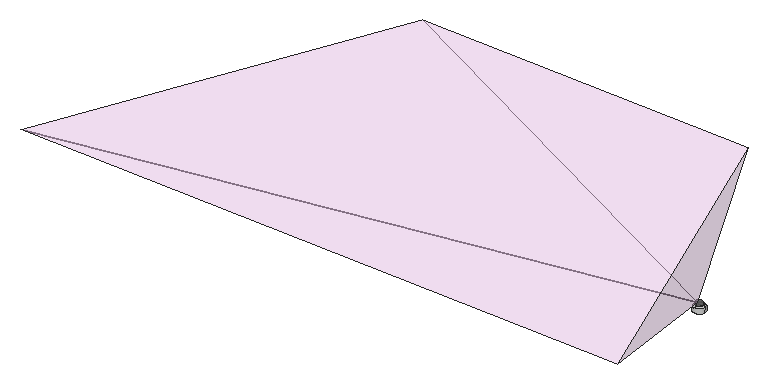
Revit family "Camera-Security-Panasonic-Super_Dynamic-Dome-AI-H265-Network-X2251LSeriesX", category Security Devices, host Face, Revit 2019
Family settings
  Host = Face
  Maintain Annotation Orientation = No
  Round Connector Dimension = Use Diameter
  Part Type = Normal
  OmniClass Number = 23.85.10.14.11
  OmniClass Title = Cameras
  Cut with Voids When Loaded = No
  Shared = No
  Room Calculation Point = No
Parameters (values of type "WV-X2251L")
  z Zero = 0.000"  # constant formula
  z Yaw Actual [instance] = if(and(On Wall, not(On Ceiling)), Yaw Actual, Yaw Actual + 180.00°)  # 180.00°
  z VV Viewpoint Depth Min = z VV Viewpoint Depth Max  # 1.18504"
  z VV Viewpoint Depth Max = if(Camera Number = 2251, 1.18504", if(Camera Number = 2271, 1.27953", 1.18504"))  # 1.18504"
  z VV Viewpoint Depth [instance] = (z VV Viewpoint Depth Max - z VV Viewpoint Depth Min) * z HFOV Ratio + z VV Viewpoint Depth Min  # 1.18504"
  z VV Origin Horizontal Offset [instance] = 0.000"
  z VV Origin HeightX [instance] = 2.42126"  # constant formula
  z VV Origin Height [instance] = if(z Decoration Cover Visible, z Embedded Bottom Offset + z VV Origin HeightX, if(z Base Bracket Visible, z VV Origin HeightX + Base Bracket Height, z VV Origin HeightX))  # 2.42126"
  z VV Origin Angle [instance] = 0.00°
  z Tilt Actual [instance] = Tilt Actual  # 45.00°
  z Pan Actual Safe [instance] = if(Pan Actual = -180.00°, 180.00°, Pan Actual)  # 0.00°
  z Pan Actual [instance] = Pan Actual  # 0.00°
  z Level Offset = 7.87402"  # constant formula
  z HFOV Ratio [instance] = (Horizontal FOV Actual - Horizontal FOV Min) / (Horizontal FOV Max - Horizontal FOV Min)  # 0.375
  z Dome Radius = Dome Diameter / 2  # 1.63386"
  z Decoration Cover Visible [instance] = Set with Decoration Cover  # no
  z Const Yaw Handle Length = 9.25197"  # constant formula
  z Const Yaw Base2 Length = 17.32283"  # constant formula
  z Const Yaw Base Length = 10.23622"  # constant formula
  z Const Tilt Handle Length = 11.81102"  # constant formula
  z Const Tilt Base2 Length = 19.68504"  # constant formula
  z Const Tilt Base Length = 9.84252"  # constant formula
  z Const Pan Handle Length = 19.48819"  # constant formula
  z Embedded Bottom Offset = -1.67323"
  Camera Number = 2251
  z Camera Top Height [instance] = if(z Decoration Cover Visible, z Level Offset + Base Height + z Embedded Bottom Offset, if(z Base Bracket Visible, z Level Offset + z Camera Bottom Offset + Base Height, z Level Offset + Base Height))  # 10.11811"
  z Camera Radius2 = z Camera Radius * 0.7  # 1.78445"
  z Camera Radius = 2.54921"
  z Camera Center Offset [instance] = 0.000"
  z Camera Bottom Offset [instance] = Base Bracket Height  # 1.41732"
  z Camera Bottom Height [instance] = if(z Base Bracket Visible, z Level Offset + z Camera Bottom Offset, z Level Offset)  # 7.87402"
  z Camera Angle [instance] = 90.00°
  z Base Visible [instance] = not(z Decoration Cover Visible)  # yes
  z Base Bracket Visible [instance] = and(Camera Number = 2251, Has Base Bracket, not(z Decoration Cover Visible))  # no
  Yawing Range = "-100 to +100"  # constant formula
  Wide Dynamic Range = yes
  Water and Dust Resistance = "N/A"
  WQHD = Resolution : WQHD
  Voltage DC = 12 V  # constant formula
  Shock Resistance = "IK10 (IEC 62262)"
  Resolution [instance] = Resolution : 5M
  HD = Resolution : HD
  Full HD = Resolution : Full HD
  Decoration Cover Radius = 3.66142"
  Decoration Cover Wall Height = 0.11811"  # constant formula
  Decoration Cover Hole Radius = 1.63386"
  Decoration Cover Height = 0.61811"
  5M = Resolution : 5M
  Base Radius = 2.54921"
  z Dome Offset [instance] = 2.20472"
  Yaw Min = -100.00°  # constant formula
  Yaw Max = 100.00°  # constant formula
  Yaw Desired [instance] = 0.00°
  Yaw Actual [instance] = if(Yaw Desired > Yaw Max, Yaw Max, if(Yaw Desired < Yaw Min, Yaw Min, Yaw Desired))  # 0.00°
  Weight [instance] = 1.83 lbf
  Vertical FOV Min [instance] = if(and(Aspect Ratio 4_3, not(Aspect Ratio 16_9)), VFOV Min 43, VFOV Min 169)  # 19.00°
  Vertical FOV Max [instance] = if(and(Aspect Ratio 4_3, not(Aspect Ratio 16_9)), VFOV Max 43, VFOV Max 169)  # 56.00°
  Vertical FOV Actual [instance] = z HFOV Ratio * (Vertical FOV Max - Vertical FOV Min) + Vertical FOV Min  # 32.875°
  Vandal Resistant = yes
  VFOV Min 43 = VFOV Min 169  # 19.00°
  VFOV Min 169 = 19.00°
  VFOV Max 43 = VFOV Max 169  # 56.00°
  VFOV Max 169 = 56.00°
  URL = "http://security.panasonic.com/pss/security/"
  Tilting Range = "-30 to +85"  # constant formula
  Tilt Min = -30.00°  # constant formula
  Tilt Max = 85.00°  # constant formula
  Tilt Desired [instance] = 45.00°
  Tilt Actual [instance] = if(Tilt Desired > Tilt Max, Tilt Max, if(Tilt Desired < Tilt Min, Tilt Min, Tilt Desired))  # 45.00°
  Storage Temperature = Operational Temperature  # "14 °F to 122 °F"
  Show View Volume [instance] = yes
  Set with Decoration Cover [instance] = no
  Regulatory Compliance = "UL (UL60950-1), c-UL (CSA C22.2 No.60950-1), CE, IEC60950-1, FCC (Part15 ClassA), ICES003 ClassA, EN55032 ClassB, EN55024"  # constant formula
  Provide Feedback = "https://www.surveymonkey.com/s/95FL6QY"
  Product Page URL = "https://security.panasonic.com/products_technology/products/wv-x2251l/"
  Product Material = Paint - Panasonic -i-Pro White
  Product Documentation Link = "https://bizpartner.panasonic.net/public/ppr/product/11189?accordion_tab=96"
  Power Active = 10.7 W
  Part Number = Model  # "WV-X2251L"
  Part Description = Description  # "Security Camera, Fixed Dome, Network, Super Dynamic , AI, H.264, 5M, WV-X2251L"
  Panning Range = "-180 to +180"  # constant formula
  Pan Min = -180.00°
  Pan Max = 180.00°
  Pan Desired [instance] = 0.00°
  Pan Actual [instance] = if(Pan Desired > Pan Max, Pan Max, if(Pan Desired < Pan Min, Pan Min, Pan Desired))  # 0.00°
  PPM Desired [instance] = 300
  PPM Actual [instance] = if(PPM Desired > 1, PPM Desired, 1)  # 300
  Original Creation Date = "2020/05/12"
  Operational Temperature = "14 °F to 122 °F"
  Operational Humidity = "10 to 90 % (no condensation)"
  On Wall [instance] = no
  On Ceiling [instance] = yes
  Mounting Positions = "Surface Mount"
  Model Disclaimer = "Contact Panasonic for more information"  # constant formula
  Model = "WV-X2251L"
  Minimum Illumination = 0.070 lx
  Manufacturer = "Panasonic"  # constant formula
  Indoor Or Outdoor = "Indoor"
  IP Or Analog = "IP"  # constant formula
  Horizontal Resolution Actual [instance] = if(and(Aspect Ratio 4_3, not(Aspect Ratio 16_9)), Horizontal Resolution 43, Horizontal Resolution 169)  # 3072
  Horizontal Resolution 43 [instance] = Horizontal Resolution 169  # 3072
  Horizontal Resolution 169 [instance] = if(and(Camera Number = 2271, Resolution = [4K]), 3840, if(and(Camera Number = 2251, Resolution = [5M]), 3072, if(and(not(Camera Number = 2271), Resolution = [4K]), 3072, if(and(not(Camera Number = 2251), Resolution = [5M]), 3840, if(Resolution = WQHD, 2560, if(Resolution = HD, 1280, if(Resolution = Full HD, 1920, 3840)))))))  # 3072
  Horizontal FOV Min [instance] = if(and(Aspect Ratio 4_3, not(Aspect Ratio 16_9)), HFOV Min 43, HFOV Min 169)  # 33.00°
  Horizontal FOV Max [instance] = if(and(Aspect Ratio 4_3, not(Aspect Ratio 16_9)), HFOV Max 43, HFOV Max 169)  # 105.00°
  Horizontal FOV Desired [instance] = 60.00°
  Horizontal FOV Actual [instance] = if(Horizontal FOV Desired > Horizontal FOV Max, Horizontal FOV Max, if(Horizontal FOV Desired < Horizontal FOV Min, Horizontal FOV Min, Horizontal FOV Desired))  # 60.00°
  Height = 4.0748"
  Has POE = yes
  Has Base Bracket = (1 = 0)  # no
  HFOV Min 43 = HFOV Min 169  # 33.00°
  HFOV Min 169 = 33.00°
  HFOV Max 43 = HFOV Max 169  # 105.00°
  HFOV Max 169 = 105.00°
  Family Version = "1.0.0"  # constant formula
  Equipment Number [instance] = ""
  Equipment Abbreviation = "SC"
  Dome Diameter = 3.26772"
  Dome Bottom Offset = 0.19685"
  Distance to Screen [instance] = 393.70079"
  Distance to PPM Target [instance] = if(PPM Actual = 0, 0.000", 39.37008" * Horizontal Resolution Actual / (PPM Actual * 2 * tan(Horizontal FOV Actual / 2)))  # 349.1378"
  Distance to Floor [instance] = 118.11024"
  Distance to Ceiling [instance] = 0.000"
  Diameter = 5.09843"
  Description = "Security Camera, Fixed Dome, Network, Super Dynamic , AI, H.264, 5M, WV-X2251L"
  Default Elevation = 0.000"
  Day Or Night = "Yes"  # constant formula
  Date Last Modified = "2020/05/12"
  Copyright = "Copyright © Panasonic"  # constant formula
  Communication Ports = "10Base-T / 100Base-TX, RJ45 connector"  # constant formula
  Base Bracket Height = 1.41732"
  Base Height = 2.24409"
  Audio Out = "Yes"  # constant formula
  Audio In = "Yes"  # constant formula
  Aspect Ratio 4_3 [instance] = not(Aspect Ratio 16_9)  # no
  Aspect Ratio 16_9 [instance] = (1 = 1)  # yes
  Angle Of View = "105"
  Alarm Input Or Output Specification = "ALARM IN 1(Alarm input 1/ Black & white input/ Auto time adjustment input) (x1), ALARM IN 2 (Alarm input 2/ ALARM OUT) (x1) , ALARM IN 3 (Alarm input 3/ AUX OUT) (x1)"  # constant formula
  Accessory Part Number [instance] = if(Set with Decoration Cover, "WV-QEM100-W", "Select a Mounting Option")  # "Select a Mounting Option"
  4K = Resolution : 4K
Types (2): name | z VV Viewpoint Depth Min | z VV Viewpoint Depth Max | z VV Viewpoint Depth | z HFOV Ratio | Camera Number | Resolution | Vertical FOV Min | Vertical FOV Max | Vertical FOV Actual | VFOV Min 43 | VFOV Min 169 | VFOV Max 43 | VFOV Max 169 | Product Page URL | Product Documentation Link | Part Number | Part Description | Original Creation Date | Model | Minimum Illumination | Horizontal Resolution Actual | Horizontal Resolution 43 | Horizontal Resolution 169 | Horizontal FOV Min | Horizontal FOV Max | HFOV Min 43 | HFOV Min 169 | HFOV Max 43 | HFOV Max 169 | Distance to PPM Target | Description | Date Last Modified | Angle Of View
  WV-X2251L | 1.18504" | 1.18504" | 1.18504" | 0.375 | 2251 | Resolution : 5M | 19.00° | 56.00° | 32.875° | 19.00° | 19.00° | 56.00° | 56.00° | "https://security.panasonic.com/products_technology/products/wv-x2251l/" | "https://bizpartner.panasonic.net/public/ppr/product/11189?accordion_tab=96" | "WV-X2251L" | "Security Camera, Fixed Dome, Network, Super Dynamic , AI, H.264, 5M, WV-X2251L" | "2020/05/12" | "WV-X2251L" | 0.070 lx | 3072 | 3072 | 3072 | 33.00° | 105.00° | 33.00° | 33.00° | 105.00° | 105.00° | 349.1378" | "Security Camera, Fixed Dome, Network, Super Dynamic , AI, H.264, 5M, WV-X2251L" | "2020/05/12" | "105"
  WV-X2271L | 1.27953" | 1.27953" | 1.27953" | 0.16327 | 2271 | Resolution : 4K | 29.00° | 55.00° | 33.2449° | 29.00° | 29.00° | 55.00° | 55.00° | "https://security.panasonic.com/products_technology/products/wv-x2271l/" | "https://bizpartner.panasonic.net/public/ppr/product/11188?accordion_tab=96" | "WV-X2271L" | "Security Camera, Fixed Dome, Network, Super Dynamic , AI, H.264, 4K, WV-X2271L" | "2020/08/25" | "WV-X2271L" | 0.090 lx | 3840 | 3840 | 3840 | 52.00° | 101.00° | 52.00° | 52.00° | 101.00° | 101.00° | 436.42225" | "Security Camera, Fixed Dome, Network, Super Dynamic , AI, H.264, 4K, WV-X2271L" | "2020/08/25" | "101"
Reference planes (in)
  plane 1 "Center (Front/Back)": y = 0
  plane 2: z = 0
  plane 3 "Center (Left/Right)": x = 0
  plane 4 "Body Bottom": z = 0
  plane 5: y = 0
  plane 6 "Level Offset": z = -7.87402
  plane 7 "BP": z = 2.42126
  plane 8: z = 2.24409
  plane 9: z = 2.44094
  plane 10: z = 4.0748
Forms (in)
  Revolve 1, solid, material "Paint - Panasonic -i-Pro White" <- "Product Material"
    sketch origin (0, 0, 0) x (0, 0, 1) y (1, 0, 0)
      loop
        line (0.00001, 2.54921) -> (0.00001, 0) -> (2.24409, 0) -> (2.24409, 1.78445) -> (1.74409, 2.39662) -> (0.00001, 2.54921)
      axis (2.24409, 0) -> (0.00001, 0)
    angle from 0 to 360
  Revolve 2, solid, material "Glass - Panasonic - Black"
    sketch origin (0, 0, 0) x (0, 1, 0) y (0, 0, 1)
      loop
        arc (1.63386, 2.44094) -> (1.15531, 3.59626) -> (0, 4.0748) r 1.63386
        line (0, 4.0748) -> (0, 2.24409) -> (1.63386, 2.24409) -> (1.63386, 2.44094)
      axis (0, 2.24409) -> (0, 4.0748)
    angle from 0 to 360
  Extrusion 3, solid
    sketch origin (0, 0, 0) x (1, 0, 0) y (0, 1, 0)
      loop
        circle (0, 0) r 0.3937
    from 0 to 0.3937
Lines and regions (in)
  reference lines
    curve 1: line (0, 0, 0) -> (0, 0, 2.20472)
    curve 2: line (0, -1, 10.89222) -> (0, 1, 10.89222)
  symbolic lines, not visible
    curve 3: line (-1.15, -2.6875, 0) -> (1.15, -2.6875, 0)
Dimensions and locks (in)
  "z Camera Center Offset": plane 5 to plane 1 "Center (Front/Back)"
  "z Level Offset": level to plane 6 "Level Offset"
  "z Camera Bottom Height": plane 4 "Body Bottom" to plane 6 "Level Offset"
  "z VV Origin Height": plane 7 "BP" to level
  "z Camera Top Height": plane 8 to plane 6 "Level Offset"
  "Dome Bottom Offset": plane 8 to plane 9
  "z Dome Radius": plane 10 to plane 9
  "z Camera Radius": Revolve 1 sketch curve to plane 3 "Center (Left/Right)"
  locked: Revolve 1 sketch curve to Revolve 1 sketch curve at 0.5
  "z Camera Radius2": Revolve 1 sketch curve to plane 3 "Center (Left/Right)"
  "z Dome Radius": radius of Revolve 2 sketch curve
  "z Camera Angle": angle curve 1 to plane 4 "Body Bottom"
  locked: Revolve 1 sketch curve to Revolve 1 sketch curve (angle 85.00°)
  aligned and locked: plane 2 to host face
  aligned and locked: level to host face
  aligned and locked: plane 5 to curve 1
  aligned and locked: nested 1 to plane 3 "Center (Left/Right)"
  aligned and locked: nested 1 to plane 1 "Center (Front/Back)"
  aligned and locked: plane 8 to Revolve 1 sketch curve
Automatic sketch dimensions
  host sketch curve to host sketch curve = 96.000"  (x2)
  curve 3 to plane 3 "Center (Left/Right)" = 1.150"
  plane 3 "Center (Left/Right)" to curve 3 = 1.150"
  curve 1 to curve 2 = 1.000"
  curve 1 to curve 2 = 8.6875"
  curve 2 to curve 1 = 1.000"
  plane 1 "Center (Front/Back)" to curve 3 = 2.6875"
  Revolve 2 sketch curve to plane 1 "Center (Front/Back)" = 0.000"
  Revolve 2 sketch curve to plane 9 = 0.000"
  plane 8 to Revolve 2 sketch curve = 0.000"
  Revolve 2 sketch curve to plane 10 = 0.000"
  plane 1 "Center (Front/Back)" to Extrusion 3 sketch curve = 0.000"
  Extrusion 3 sketch curve to plane 3 "Center (Left/Right)" = 0.000"
  curve 1 to level = 0.000"
  Revolve 1 sketch curve to plane 3 "Center (Left/Right)" = 0.000"  (x2)
  level to Revolve 1 sketch curve = 0.00001"
  Revolve 1 sketch curve to level = 0.45341"
  Revolve 1 sketch curve to plane 9 = 0.00311"
  radius of Extrusion 3 sketch curve = 0.3937"
Nested families (in)
  nested 1: "Camera-Security-Panasonic-ViewVolumePTYZ" at (0, 0, 2.42126), Viewpoint Depth <- "z VV Viewpoint Depth", Base Height Offset <- "z VV Origin Height", Base Angle Offset <- "z VV Origin Angle", Viewpoint Origin Horizontal Offset <- "z VV Origin Horizontal Offset", Yaw <- "Yaw Actual", Tilt <- "Tilt Actual", Pan <- "Pan Actual", HFOV <- "Horizontal FOV Actual", VFOV <- "Vertical FOV Actual", On Wall <- "On Wall", On Ceiling <- "On Ceiling", Screen Depth <- "Distance to Screen", Floor Distance <- "Distance to Floor", Ceiling Distance <- "Distance to Ceiling", Target Depth <- "Distance to PPM Target", visible <- "Show View Volume", type "Camera-Security-Panasonic-ViewVolumePTYZ"
    with z Yaw Actual 0.00°, z Void Width 1249.22068", z Void Thickness 397.30709", z Void Height Start -624.61034", z Void Height End 624.61034", z Void Direction 0, z Void Angle 0.00°, z Viewpoint Depth 1.18504", z Tilt Actual 45.00°, z Target Width 403.14961", z Target Visible yes, z Target Height 206.01039", z Target Depth 350.32284", z Screen Width 454.60651", z Screen Height 232.30499", z Screen Depth 394.88583", z Pan Actual 0.00°, z Floor Distance 118.11024", z Ceiling Distance 0.000", Yaw 0.00°, Viewpoint Origin Horizontal Offset 0.000", Viewpoint Depth 1.18504", VFOV 32.875°, Tilt 45.00°, Target Depth 349.1378", Screen Depth 393.70079", Pan 0.00°, On Wall no, On Floor no, On Default Mount Type 0, On Ceiling yes, HFOV 60.00°, Floor Distance 118.11024", Ceiling Distance 0.000", Base Height Offset 2.42126", Base Angle Offset 0.00°
  nested 2: "Base Bracket" at (0, 0, 0), visible <- "z Base Bracket Visible", Base Bracket Height <- "Base Bracket Height", Visible <- "z Base Bracket Visible", Product Material <- "Product Material", type "Base Bracket"
    with Visible no, Product Material Paint - Panasonic -i-Pro White, Inner Diameter 3.14961", Base Bracket Height 1.41732", Base Bracket Diameter 3.22835"
  nested 3: "Decoration Cover" at (0, 0, 0), visible <- "z Decoration Cover Visible", Product Material <- "Product Material", Decoration Cover Radius <- "Decoration Cover Radius", Decoration Cover Height <- "Decoration Cover Height", Hole Radius <- "Decoration Cover Hole Radius", Wall Height <- "Decoration Cover Wall Height", type "Decoration Cover"
    with Wall Height 0.11811", Top Ring Width 0.36614", Product Material Paint - Panasonic -i-Pro White, Hole Radius 1.63386", Decoration Cover Radius 3.66142", Decoration Cover Height 0.61811"
Connectors (in)
  electrical at (0, 0, 0), driven by "Power Active", driven by "Voltage DC"
    settings: on host face, index 3, voltage 12 V, apparent load 10.7 W, apparent load phase1 0.0 W, apparent load phase2 0.0 W, apparent load phase3 0.0 W, power factor 1, load classification "Other", number of poles 1, system type 30, power factor state 1, is connector primary yes, connector utility no, sub classification motor no, connector description "Electrical Connection"
  electrical at (0, 0, 0)
    settings: on Extrusion 3, index 5, voltage 0 V, apparent load 0.0 W, apparent load phase1 0.0 W, apparent load phase2 0.0 W, apparent load phase3 0.0 W, power factor 1, load classification "Other", number of poles 1, system type 5, power factor state 1, is connector primary no, connector utility no, sub classification motor no, connector description "Data Connection"
Definition of nested family "Camera-Security-Panasonic-ViewVolumePTYZ"
  Parameters
    z Yaw Actual [instance] = if(Yaw < 0.00°, 360.00° - (abs(Yaw) - rounddown(abs(Yaw) / 360.00°) * 360.00°), Yaw - rounddown(Yaw / 360.00°) * 360.00°)  # 0.00°
    z Void Width [instance] = if(z Screen Width > z Screen Height, z Screen Width, z Screen Height) + abs(Viewpoint Origin Horizontal Offset) + z Void Thickness * 2  # 1265.63013"
    z Void Thickness [instance] = z Screen Depth + abs(Base Height Offset)  # 405.51181"
    z Void Height Start [instance] = -z Void Width / 2  # -632.81507"
    z Void Height End [instance] = z Void Width / 2  # 632.81507"
    z Void Direction [instance] = if((if(On Wall, 1, 0) + if(On Floor, 1, 0) + if(On Ceiling, 1, 0)) = 1, if(On Ceiling, 0, if(On Wall, 1, 2)), On Default Mount Type)  # 0
    z Viewpoint Depth [instance] = if(Viewpoint Depth < 0.03937", 0.03937", Viewpoint Depth)  # 5.90551"
    z Tilt Actual [instance] = if(Tilt < 0.00°, 360.00° - (abs(Tilt) - rounddown(abs(Tilt) / 360.00°) * 360.00°), Tilt - rounddown(Tilt / 360.00°) * 360.00°)  # 45.00°
    z Target Visible [instance] = not(Screen Depth < Target Depth)  # yes
    z Target Thickness Start = -z Target Thickness / 2  # -0.03937"
    z Target Thickness End = z Target Thickness / 2  # 0.03937"
    z Target Depth [instance] = Target Depth + Viewpoint Depth  # 84.64567"
    z Pan Actual [instance] = if(Pan < 0.00°, 360.00° - (abs(Pan) - rounddown(abs(Pan) / 360.00°) * 360.00°), Pan - rounddown(Pan / 360.00°) * 360.00°)  # 0.00°
    z Floor Distance [instance] = if(z Void Direction = 2, if(Floor Distance < 0.000", 0.000", Floor Distance), if(Floor Distance < 0.3937", 0.3937", Floor Distance))  # 118.11024"
    z Const Yaw Base2 Length = 17.32283"  # constant formula
    z Const Tilt Base2 Length = 19.68504"  # constant formula
    z Ceiling Distance [instance] = if(z Void Direction = 2, if(Ceiling Distance < 0.3937", 0.3937", Ceiling Distance), if(Ceiling Distance < 0.000", 0.000", Ceiling Distance))  # 0.000"
    z Const Void Handle Length = 23.62205"  # constant formula
    z Void Angle [instance] = if(z Void Direction = 0, 0.00° + Base Angle Offset, if(z Void Direction = 1, 90.00° + Base Angle Offset, 180.00° + Base Angle Offset))  # 0.00°
    z Screen Depth [instance] = if(Screen Depth < 3.93701", 3.93701" + Viewpoint Depth, Screen Depth + Viewpoint Depth)  # 399.6063"
    Original Creation Date = "September, 15, 2016"  # constant formula
    On Default Mount Type [instance] = 0
    Manufacturer = "Panasonic"  # constant formula
    Family Version = "1.0.0"  # constant formula
    Default Elevation = 48.000"
    Date Last Modified = "September, 15, 2016"  # constant formula
    Copyright = "Copyright © Panasonic"  # constant formula
    Base Height Offset [instance] = 5.90551"
    Base Angle Offset [instance] = 0.00°
    z Viewpoint Width = 0.03937"  # constant formula
    z Viewpoint Height = 0.03937"  # constant formula
    VFOV [instance] = 33.75°
    z Target Width [instance] = Target Depth * tan(HFOV / 2) * 2  # 90.9213"
    z Target Thickness = 0.07874"  # constant formula
    z Target Height [instance] = Target Depth * tan(VFOV / 2) * 2  # 47.77113"
    Target Depth [instance] = 78.74016"
    z Screen Width [instance] = (z Screen Depth - Viewpoint Depth) * tan(HFOV / 2) * 2  # 454.60651"
    z Screen Height [instance] = (z Screen Depth - Viewpoint Depth) * tan(VFOV / 2) * 2  # 238.85566"
    Screen Depth [instance] = 393.70079"
    z Const Yaw Handle Length = 9.25197"  # constant formula
    z Const Yaw Base Length = 10.23622"  # constant formula
    Viewpoint Depth [instance] = 5.90551"
    Viewpoint Origin Horizontal Offset [instance] = 0.000"
    z Const Tilt Handle Length = 14.17323"  # constant formula
    z Const Tilt Base Length = 9.84252"  # constant formula
    z Const Pan Handle Length = 19.68504"  # constant formula
    z Const Pan Axis Length = 15.74803"  # constant formula
    On Wall [instance] = no
    On Floor [instance] = no
    On Ceiling [instance] = yes
    HFOV [instance] = 60.00°
    Yaw [instance] = 0.00°
    Tilt [instance] = 45.00°
    Pan [instance] = 0.00°
    Floor Distance [instance] = 118.11024"
    Ceiling Distance [instance] = 0.000"
  Reference planes (in)
    plane 1 "Center (Front/Back)": y = 0
    plane 2: z = 0
    plane 3 "Center (Left/Right)": x = 0
    plane 4 "VoidOffsetBase": z = -5.90551
  Forms (in)
    Extrusion 1, void
      sketch origin (0, 0, -5.90551) x (0, 0, 1) y (0, -1, 0)
        loop
          line (523.62205, 632.81507) -> (118.11024, 632.81507) -> (118.11024, -632.81507) -> (523.62205, -632.81507) -> (523.62205, 632.81507)
        loop
          line (0, 632.81507) -> (-405.51181, 632.81507) -> (-405.51181, -632.81507) -> (0, -632.81507) -> (0, 632.81507)
      from -632.81507 <- "z Void Height Start" to 632.81507 <- "z Void Height End"
    Blend 2, solid
      base sketch origin (0, -4.17583, 4.17583) x (0, 0.707107, 0.707107) y (-1, 0, 0)
        loop
          line (-0.01969, -0.01969) -> (0.01969, -0.01969) -> (0.01969, 0.01969) -> (-0.01969, 0.01969) -> (-0.01969, -0.01969)
      top sketch origin (0, -282.56432, 282.56432) x (0, 0.707107, 0.707107) y (-1, 0, 0)
        loop
          line (-119.42783, -227.30326) -> (119.42783, -227.30326) -> (119.42783, 227.30326) -> (-119.42783, 227.30326) -> (-119.42783, -227.30326)
      from 0 to 0
    Extrusion 3, solid, visible <- "z Target Visible"
      sketch origin (0, -59.85353, 59.85353) x (0, 0.707107, 0.707107) y (-1, 0, 0)
        loop
          line (-23.88557, -45.46065) -> (23.88557, -45.46065) -> (23.88557, 45.46065) -> (-23.88557, 45.46065) -> (-23.88557, -45.46065)
      from -0.03937 <- "z Target Thickness Start" to 0.03937 <- "z Target Thickness End"
  Cuts and joins
    Extrusion 1 cuts Blend 2
    Extrusion 1 cuts Extrusion 3
  Lines and regions (in)
    reference lines
      curve 1: line (0, 0, 0) -> (19.68504, 0, 0)
      curve 2: line (0, 0, -15.74803) -> (0, 0, 0)
      curve 3: line (0, 0, 0) -> (0, -9.84252, 0)
      curve 4: line (0, 0, 0) -> (0, 0, 19.68504)
      curve 5: line (0, -10.02199, 10.02199) -> (0, 0, 0)
      curve 6: line (0, 0, 0) -> (0, 7.2381, 7.2381)
      curve 7: line (0, 0, 0) -> (-17.32283, 0, 0)
      curve 8: line (0, 0, 0) -> (-9.25197, 0, 0)
      curve 9: line (0, -4.17583, 4.17583) -> (0, 0, 0)
      curve 10: line (0, 0, 0) -> (0, -59.85353, 59.85353)
      curve 11: line (0, 0, 0) -> (0, -282.56432, 282.56432)
      curve 12: line (-0.01969, -4.16191, 4.18975) -> (0.01969, -4.16191, 4.18975)
      curve 13: line (-0.01969, -4.18975, 4.16191) -> (0.01969, -4.18975, 4.16191)
      curve 14: line (-0.01969, -4.16191, 4.18975) -> (-0.01969, -4.18975, 4.16191)
      curve 15: line (0.01969, -4.16191, 4.18975) -> (0.01969, -4.18975, 4.16191)
      curve 16: line (-45.46065, -42.96388, 76.74317) -> (45.46065, -42.96388, 76.74317)
      curve 17: line (-45.46065, -76.74317, 42.96388) -> (45.46065, -76.74317, 42.96388)
      curve 18: line (-45.46065, -42.96388, 76.74317) -> (-45.46065, -76.74317, 42.96388)
      curve 19: line (45.46065, -42.96388, 76.74317) -> (45.46065, -76.74317, 42.96388)
      curve 20: line (-227.30326, -198.1161, 367.01255) -> (-227.30326, -367.01255, 198.1161)
      curve 21: line (227.30326, -198.1161, 367.01255) -> (227.30326, -367.01255, 198.1161)
      curve 22: line (-227.30326, -198.1161, 367.01255) -> (227.30326, -198.1161, 367.01255)
      curve 23: line (-227.30326, -367.01255, 198.1161) -> (227.30326, -367.01255, 198.1161)
      curve 24: line (0, 0, -5.90551) -> (0, 0, 17.71654)
      curve 25: line (0, -632.81507, 517.71654) -> (0, 632.81507, 517.71654)
      curve 26: line (0, -632.81507, 112.20472) -> (0, -632.81507, 517.71654)
      curve 27: line (0, 632.81507, 112.20472) -> (0, -632.81507, 112.20472)
      curve 28: line (0, 632.81507, 517.71654) -> (0, 632.81507, 112.20472)
      curve 29: line (0, -632.81507, -5.90551) -> (0, 632.81507, -5.90551)
      curve 30: line (0, -632.81507, -411.41732) -> (0, -632.81507, -5.90551)
      curve 31: line (0, 632.81507, -411.41732) -> (0, -632.81507, -411.41732)
      curve 32: line (0, 632.81507, -5.90551) -> (0, 632.81507, -411.41732)
  Dimensions and locks (in)
    "z Const Pan Handle Length": curve 1 to curve 1
    "z Const Pan Axis Length": curve 2 to curve 2
    "z Const Tilt Base Length": curve 3 to curve 3
    "z Const Pan Axis Length": curve 1 to curve 2
    "Viewpoint Origin Horizontal Offset": curve 4 to curve 2
    "z Const Tilt Base2 Length": curve 4 to curve 4
    "z Const Tilt Handle Length": curve 5 to curve 5
    "z Const Yaw Base Length": curve 6 to curve 6
    "z Const Yaw Base2 Length": curve 7 to curve 7
    "z Const Yaw Handle Length": curve 8 to curve 8
    "z Viewpoint Depth": curve 9 to curve 9
    "z Target Depth": curve 10 to curve 10
    "z Screen Depth": curve 11 to curve 11
    equal spacing: curve 13, curve 9, curve 12
    "z Viewpoint Height": curve 13 to curve 12
    equal spacing: curve 14, curve 9, curve 15
    "z Viewpoint Width": curve 14 to curve 15
    equal spacing: curve 17, curve 10, curve 16
    "z Target Height": curve 17 to curve 16
    equal spacing: curve 18, curve 10, curve 19
    "z Target Width": curve 18 to curve 19
    equal spacing: curve 20, curve 11, curve 21
    "z Screen Width": curve 20 to curve 21
    equal spacing: curve 23, curve 11, curve 22
    "z Screen Height": curve 23 to curve 22
    "z Const Void Handle Length": curve 24 to curve 24
    equal spacing: curve 26, curve 24, curve 28
    "z Void Width": curve 26 to curve 28
    "z Floor Distance": curve 27 to curve 24
    "z Ceiling Distance": curve 29 to curve 24
    "z Void Thickness": curve 31 to curve 29
    "z Void Thickness": curve 25 to curve 27
    "Base Height Offset": level to plane 4 "VoidOffsetBase"
    locked: curve 3 to curve 2 (angle 90.00°)
    locked: curve 3 to curve 4 (angle 90.00°)
    "z Tilt Actual": angle curve 4 to curve 5
    locked: curve 6 to curve 7 (angle 90.00°)
    locked: curve 6 to curve 5 (angle 90.00°)
    locked: curve 9 to curve 5 (angle 0.00°)
    locked: curve 10 to curve 5 (angle 0.00°)
    locked: curve 11 to curve 5 (angle 0.00°)
    "z Void Angle": angle plane 1 "Center (Front/Back)" to curve 24
    "z Yaw Actual": angle curve 7 to curve 8
    "z Pan Actual": angle plane 1 "Center (Front/Back)" to curve 1
    aligned and locked: level to plane 2
    aligned and locked: curve 2 to curve 1
    aligned and locked: curve 2 to curve 3
    aligned and locked: curve 3 to curve 2
    aligned and locked: curve 3 to curve 5
    aligned and locked: curve 6 to curve 7
    aligned and locked: curve 6 to curve 8
    aligned and locked: curve 8 to curve 7
    aligned and locked: curve 7 to curve 6
    aligned and locked: curve 5 to curve 11
    aligned and locked: curve 11 to curve 8
    aligned and locked: curve 12 to curve 15
    aligned and locked: curve 15 to curve 15
    aligned and locked: curve 14 to curve 14
    aligned and locked: curve 13 to curve 15
    aligned and locked: curve 16 to curve 19
    aligned and locked: curve 18 to curve 18
    aligned and locked: curve 17 to curve 19
    aligned and locked: curve 22 to curve 22
    aligned and locked: curve 21 to curve 23
    aligned and locked: curve 20 to curve 23
    aligned and locked: curve 23 to curve 23
    aligned and locked: plane 1 "Center (Front/Back)" to curve 24
    aligned and locked: curve 30 to curve 26
    aligned and locked: curve 28 to curve 32
    aligned and locked: Extrusion 1 sketch curve to curve 25
    aligned and locked: Extrusion 1 sketch curve to curve 26
    aligned and locked: Extrusion 1 sketch curve to curve 27
    aligned and locked: Extrusion 1 sketch curve to curve 28
    aligned and locked: Extrusion 1 sketch curve to curve 29
    aligned and locked: Extrusion 1 sketch curve to curve 30
    aligned and locked: Extrusion 1 sketch curve to curve 31
    aligned and locked: Extrusion 1 sketch curve to curve 32
    aligned and locked: Extrusion 1 sketch curve to Extrusion 1 sketch curve  (x8)
    aligned and locked: Blend 2 sketch curve to curve 15
    aligned and locked: Blend 2 sketch curve to curve 13
    aligned and locked: Blend 2 sketch curve to curve 14
    aligned and locked: Blend 2 sketch curve to curve 12
    aligned and locked: Blend 2 sketch curve to Blend 2 sketch curve  (x8)
    aligned and locked: Blend 2 sketch curve to curve 21
    aligned and locked: Blend 2 sketch curve to curve 23
    aligned and locked: Blend 2 sketch curve to curve 20
    aligned and locked: Blend 2 sketch curve to curve 22
    aligned and locked: Extrusion 3 sketch curve to curve 19
    aligned and locked: Extrusion 3 sketch curve to curve 17
    aligned and locked: Extrusion 3 sketch curve to curve 18
    aligned and locked: Extrusion 3 sketch curve to curve 16
    aligned and locked: Extrusion 3 sketch curve to Extrusion 3 sketch curve  (x4)
    aligned and locked: plane 3 "Center (Left/Right)" to curve 1
    aligned and locked: plane 1 "Center (Front/Back)" to curve 1
    aligned and locked: level to curve 2
    aligned and locked: plane 4 "VoidOffsetBase" to curve 24
  Automatic sketch dimensions
    curve 6 to curve 5 = 0.000"
    curve 6 to curve 5 = 10.23622"
Definition of nested family "Decoration Cover"
  Parameters (values of type "Decoration Cover")
    Wall Height [instance] = 0.11811"
    Top Ring Width [instance] = Decoration Cover Radius / 10  # 0.36614"
    Product Material [instance] = none
    Hole Radius [instance] = 1.65354"
    Default Elevation = 48.000"
    Decoration Cover Height [instance] = 0.61811"
    Decoration Cover Radius [instance] = 3.66142"
  Reference planes (in)
    plane 1 "Center (Front/Back)": y = 0
    plane 2: z = 0
    plane 3 "Center (Left/Right)": x = 0
    plane 4: y = 3.66142
    plane 5: z = 0.61811
    plane 6: z = 0.11811
    plane 7: y = 1.65354
    plane 8: y = 2.01969
  Forms (in)
    Extrusion 1, solid
      sketch origin (0, 0, 0) x (1, 0, 0) y (0, 1, 0)
        loop
          line (-48, 48) -> (-48, -48) -> (48, -48) -> (48, 48) -> (-48, 48)
      from 0 to -12
    Revolve 2, solid, material <- "Product Material"
      sketch origin (0, 0, 0) x (0, 1, 0) y (0, 0, 1)
        loop
          line (2.01969, 0.61811) -> (1.65354, 0.61811) -> (1.65354, 0) -> (3.66142, 0) -> (3.66142, 0.11811) -> (2.01969, 0.61811)
        axis (0, 0) -> (0, 0.61811)
      angle from 0 to 360
  Dimensions and locks (in)
    "Decoration Cover Radius": plane 1 "Center (Front/Back)" to plane 4
    "Decoration Cover Height": plane 5 to level
    "Hole Radius": plane 1 "Center (Front/Back)" to plane 7
    "Top Ring Width": plane 7 to plane 8
    "Wall Height": plane 6 to level
    aligned and locked: plane 2 to Extrusion 1
    aligned and locked: level to Extrusion 1
    aligned and locked: Revolve 2 sketch curve to plane 4
    aligned and locked: plane 8 to Revolve 2 sketch curve
  Automatic sketch dimensions
    Extrusion 1 sketch curve to Extrusion 1 sketch curve = 96.000"  (x2)
    Revolve 2 sketch curve to plane 1 "Center (Front/Back)" = 0.000"
    Revolve 2 sketch curve to level = 0.000"
    Revolve 2 sketch curve to plane 7 = 0.000"
    Revolve 2 sketch curve to plane 6 = 0.000"
    Revolve 2 sketch curve to plane 5 = 0.000"
    Revolve 2 sketch curve to level = 24.000"
    plane 5 to Revolve 2 sketch curve = 91.65775"
